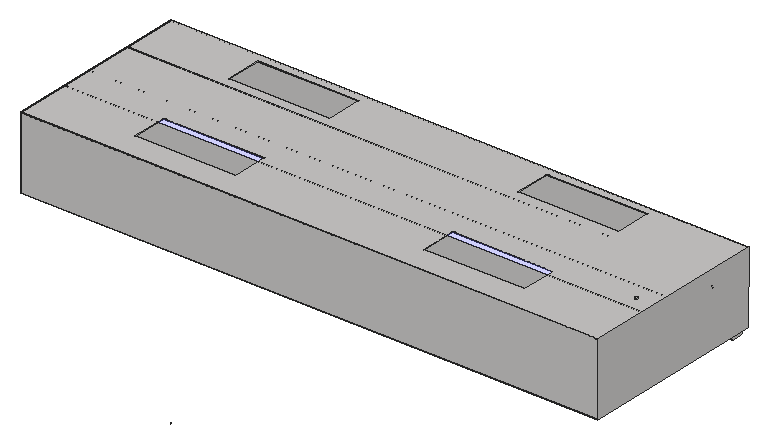
Revit family "QF_ELECTROLUXPROFESSIONAL_640233_STPF1340", category Attrezzature speciali, Revit 2021
Family settings
  Quota connettore circolare = Usa diametro
  Tipo di parte = Normale
  Basato su piano di lavoro = No
  Sempre verticale = Sì
  Taglio con vuoti quando caricato = No
  Condiviso = No
  Punto di calcolo locali = No
Parameters (values of type "Standard")
  Weight = 243.00 kg
  Watts = 320 W
  Volts = 220 V
  URL Manufacturer = "https://www.electroluxprofessional.com/"
  URL = "https://www.electroluxprofessional.com/"
  Steam Supply Size = 0 mm
  Steam Supply Minimum Pressure = 0.0 Pa
  Steam Supply Maximum Pressure = 0.0 Pa
  Steam Consumption per Hour = 0
  Refrigeration Suction Line Size = 0 mm
  Refrigeration Liquid Line Size = 0 mm
  Refrigerant Compressor Remote = yes
  Prospetto di default = 0 mm
  Produttore = "Electrolux Professional"
  Phase = 1
  Modello = "STPF1340"
  Length Actual = 4000 mm  # constant formula
  Item Number = "640233"
  Hot Water Size = 0 mm
  Height Actual = 500 mm  # constant formula
  HP = "0.4 HP"
  Gas Size = 0 mm
  Gas KW = 0
  Gas Input Pressure = 0 W
  Direct Waste Size = 0 mm
  Descrizione = "304 S/S WALL HOOD+FILTERS+LAMPS 400X130"
  Depth Actual = 1300 mm  # constant formula
  Cycle = 50 Hz
  Condensate Return Size = 0 mm
  Compressed Air Volume = 0.0 L/s
  Compressed Air Size = 0 mm
  Compressed Air Pressure = 0.0 Pa
  Cold Water Size = 0 mm
  Accessory = yes
Reference planes
  plane 1: z = 0
  plane 2 "Center (Left/Right)": x = 150
  plane 3 "LEFT": x = -1850
  plane 4 "RIGHT": x = 2150
  plane 5 "BACK": y = 550
  plane 6 "TOP": z = 2500
  plane 7 "Base": z = 2000
  plane 8: z = 1955
  plane 9 "DrainY": y = 490
  plane 10: x = -1847
  plane 11 "DrainX": x = 2030
  plane 12 "AOLeft2": x = -500
  plane 13 "AORight1": x = 800
  plane 14: x = 2147
  plane 15: x = -1650
  plane 16: x = 1950
  plane 17 "Center (Front/Back)": y = -100
  plane 18 "Front": y = -750
  plane 19 "AOLeft1": x = -1200
  plane 20 "AORight2": x = 1500
  plane 21: y = -664
  plane 22: y = -414
  plane 23: y = 240
  plane 24: y = 490
  plane 25 "EI_y": y = -270
  plane 26 "EIx": x = 2030
Forms (mm)
  Extrusion 1, solid, material "QF_Finishes_Stainless Steel"
    sketch origin (-1850, 0, 360) x (0, 1, 0) y (0, 0, 1)
      loop
        line (550, 1640) -> (550, 2140) -> (-750, 2140) -> (-750, 1640) -> (550, 1640)
    from 0 to 3
  Extrusion 2, solid, material "QF_Finishes_Stainless Steel"
    sketch origin (2150, 0, 360) x (0, 1, 0) y (0, 0, 1)
      loop
        line (550, 1640) -> (550, 2140) -> (-750, 2140) -> (-750, 1640) -> (550, 1640)
    from 0 to -3
  Extrusion 3, solid, material "QF_Finishes_Stainless Steel"
    sketch origin (150, 0, 360) x (0, 1, 0) y (0, 0, 1)
      loop
        line (-750, 2140) -> (-750, 1640) -> (-740, 1640) -> (-740, 1640.8) -> (-749.2, 1640.8) -> (-749.2, 2139.19) -> (549.2, 2139.19) -> (549.2, 1640.8) -> (540, 1640.8) -> (540, 1640) -> (550, 1640) -> (550, 2140) -> (-750, 2140)
    from -2000 to 2000
  Extrusion 4, solid, material "QF_Finishes_Stainless Steel"
    sketch origin (0, 0, 2000) x (0, 1, 0) y (-1, 0, 0)
      loop
        circle (490, -2030) r 4.763
    from -30 to 0
  Extrusion 5, void
    sketch origin (0, 0, 2500) x (0, 1, 0) y (-1, 0, 0)
      loop
        line (-320, 500) -> (-320, 1200) -> (-570, 1200) -> (-570, 500) -> (-320, 500)
    from 0 to -10
  Extrusion 6, solid, material "QF_Finishes_Stainless Steel"
    sketch origin (0, 0, 0) x (1, 0, 0) y (0, 1, 0)
      loop
        line (-1850, 550) -> (-1850, 549) -> (-1849, 549) -> (-1849, 550) -> (-1850, 550)
    from 0 to 1
  Extrusion 7, solid, material "QF_LAMPS"
    sketch origin (150, 0, 360) x (0, 1, 0) y (0, 0, 1)
      loop
        line (-372.823, 1962.324) -> (-218.948, 2086.929) -> (-227.129, 2097.032) -> (-381.003, 1972.426) -> (-372.823, 1962.324)
    from 1997 to -1997
  Extrusion 8, solid, material "QF_Finishes_Stainless Steel"
    sketch origin (150, 0, 360) x (0, 1, 0) y (0, 0, 1)
      loop
        line (-750, 2139.19) -> (-750, 1640) -> (-686.602, 1640) -> (-599.146, 1690.493) -> (-610.058, 1709.394) -> (-666.564, 1676.77) -> (-714.704, 1680.982) -> (-749.2, 1730.248) -> (-749.2, 2139.19) -> (-750, 2139.19)
      loop
        line (-373.6, 1961.694) -> (-381.937, 1971.99) -> (-369.095, 1982.182) -> (-369.095, 2139.19) -> (-369.895, 2139.19) -> (-369.895, 1982.569) -> (-682.298, 1734.63) -> (-671.091, 1720.79) -> (-373.6, 1961.694)
      loop
        line (-227.61, 2099.216) -> (-218.171, 2087.559) -> (-154.411, 2139.19) -> (-155.682, 2139.19) -> (-218.052, 2088.684) -> (-226.989, 2099.719) -> (-227.61, 2099.216)
    from -1997 to 1997
  Sweep 9, solid, material "QF_Finishes_Stainless Steel"
    path origin (0, 0, 0) x (1, 0, 0) y (0, 1, 0)
      loop
        line (2150, 550) -> (-1850, 550) -> (-1850, -750) -> (2150, -750) -> (2150, 550)
    profile origin (2150, -100, 0) x (1, 0, 0) y (0, 0, 1)
      loop
        line (-3, 2000) -> (-3, 2000.8) -> (-19, 2000.8) -> (-19, 2010) -> (-20, 2010) -> (-20, 2000) -> (-3, 2000)
  Extrusion 10, solid, material "QF_Finishes_Stainless Steel"
    sketch origin (150, 0, 0) x (0, 1, 0) y (0, 0, 1)
      loop
        line (414.66, 2095.469) -> (440.643, 2110.471) -> (261.744, 2411.771) -> (235.948, 2396.455) -> (414.66, 2095.469)
    from -1997 to -1800
  Extrusion 11, void
    sketch origin (1134.605, 0, 2500) x (0, 1, 0) y (-1, 0, 0)
      loop
        line (-320, -365.395) -> (-320, 334.605) -> (-570, 334.605) -> (-570, -365.395) -> (-320, -365.395)
    from 0 to -10
  Extrusion 12, solid, material "QF_Finishes_Stainless Steel"
    sketch origin (2030, 0, 0) x (0, 1, 0) y (0, 0, 1)
      loop
        line (539, 2000) -> (441, 2000) -> (441, 1989) -> (448.5, 1989) -> (448.5, 1965)
        arc (448.5, 1965) -> (451.429, 1957.929) -> (458.5, 1955) r 10
        line (458.5, 1955) -> (521.5, 1955)
        arc (521.5, 1955) -> (528.571, 1957.929) -> (531.5, 1965) r 10
        line (531.5, 1965) -> (531.5, 1989) -> (539, 1989) -> (539, 2000)
    from 90 to -90
  Extrusion 13, solid, material "QF_Finishes_Stainless Steel"
    sketch origin (150, 0, 360) x (0, 1, 0) y (0, 0, 1)
      loop
        line (-750, 2139.19) -> (-750, 1640) -> (-686.602, 1640) -> (-599.146, 1690.493) -> (-610.058, 1709.394) -> (-666.564, 1676.77) -> (-714.704, 1680.982) -> (-749.2, 1730.248) -> (-749.2, 2139.19) -> (-750, 2139.19)
      loop
        line (-373.6, 1961.694) -> (-381.937, 1971.99) -> (-369.095, 1982.182) -> (-369.095, 2139.19) -> (-369.895, 2139.19) -> (-369.895, 1982.569) -> (-682.298, 1734.63) -> (-671.091, 1720.79) -> (-373.6, 1961.694)
      loop
        line (-227.61, 2099.216) -> (-218.171, 2087.559) -> (-154.411, 2139.19) -> (-155.682, 2139.19) -> (-218.052, 2088.684) -> (-226.989, 2099.719) -> (-227.61, 2099.216)
    from -1997 to 1997
  Extrusion 14, solid, material "QF_Finishes_Stainless Steel"
    sketch origin (150, 0, 0) x (0, 1, 0) y (0, 0, 1)
      loop
        line (414.66, 2095.469) -> (440.643, 2110.471) -> (261.744, 2411.771) -> (235.948, 2396.455) -> (414.66, 2095.469)
    from 1800 to 1997
  Extrusion 15, solid, material "QF_Finished_Chrome"
    sketch origin (150, 0, 0) x (0, 1, 0) y (0, 0, 1)
      loop
        line (414.66, 2095.469) -> (440.643, 2110.471) -> (261.744, 2411.771) -> (235.948, 2396.455) -> (414.66, 2095.469)
    from -1800 to 1800
  Extrusion 16, void
    sketch origin (0, 1180, 2500) x (0, 1, 0) y (-1, 0, 0)
      loop
        line (-690, 500) -> (-690, 1200) -> (-940, 1200) -> (-940, 500) -> (-690, 500)
    from 0 to -10
  Extrusion 17, void
    sketch origin (1600, 1180, 2500) x (0, 1, 0) y (-1, 0, 0)
      loop
        line (-690, 100) -> (-690, 800) -> (-940, 800) -> (-940, 100) -> (-690, 100)
    from 0 to -10
  Extrusion 18, solid, material "QF_Finishes_Stainless Steel"
    sketch origin (0, 0, 2500) x (0, 1, 0) y (-1, 0, 0)
      loop
        circle (-270, -2030) r 10
    from 0 to 1.6
  Extrusion 19, solid, material "QF_Finishes_Stainless Steel"
    sketch origin (150, 0, 360) x (0, 1, 0) y (0, 0, 1)
      loop
        line (430.005, 1640) -> (540, 1640) -> (540, 1640.8) -> (430.467, 1640.8) -> (371.906, 1742.23) -> (414.858, 1734.657) -> (442.266, 1750.481) -> (442.266, 1765.943) -> (441.466, 1765.943) -> (441.466, 1750.943) -> (414.709, 1735.495) -> (321.153, 1751.991) -> (320.875, 1750.416) -> (371.4, 1741.507) -> (430.005, 1640)
      loop
        line (172.529, 2139.19) -> (242.893, 2017.316) -> (245.133, 2018.715) -> (240.13, 2027.381) -> (238.569, 2026.405) -> (173.453, 2139.19) -> (172.529, 2139.19)
    from -1997 to 1997
Cuts and joins
  Extrusion 5, Extrusion 11, Extrusion 16, Extrusion 17 cuts Extrusion 3
  joined: Extrusion 2, Extrusion 3, Sweep 9
Lines and regions (mm)
  symbolic lines, style "SpecialityEquipment", detail levels coarse
    curve 1: line (2150, 550, 2500) -> (-1850, 550, 2500)
    curve 2: line (-1850, 550, 2500) -> (-1850, -750, 2500)
    curve 3: line (2150, -750, 2500) -> (2150, 550, 2500)
    curve 4: line (-1850, 550, 0) -> (2150, -750, 0)
    curve 5: line (2150, 550, 0) -> (-1850, -750, 0)
    curve 6: line (-1850, -750, 0) -> (2150, -750, 0)
    curve 7: line (-500, -320, 0) -> (-1200, -320, 0)
    curve 8: line (-500, -570, 0) -> (-500, -320, 0)
    curve 9: line (-1200, -570, 0) -> (-500, -570, 0)
    curve 10: line (-1200, -320, 0) -> (-1200, -570, 0)
    curve 11: line (800, -320, 0) -> (800, -570, 0)
    curve 12: line (1500, -320, 0) -> (800, -320, 0)
    curve 13: line (1500, -570, 0) -> (1500, -320, 0)
    curve 14: line (800, -570, 0) -> (1500, -570, 0)
  symbolic lines, detail levels coarse
    curve 15: line (-1200, 240, 2500) -> (-500, 240, 2500)
    curve 16: line (-1200, 490, 2500) -> (-1200, 240, 2500)
    curve 17: line (-500, 490, 2500) -> (-1200, 490, 2500)
    curve 18: line (-500, 240, 2500) -> (-500, 490, 2500)
    curve 19: line (800, 490, 2500) -> (800, 240, 2500)
    curve 20: line (1500, 490, 2500) -> (800, 490, 2500)
    curve 21: line (800, 240, 2500) -> (1500, 240, 2500)
    curve 22: line (1500, 240, 2500) -> (1500, 490, 2500)
Dimensions and locks
  plane 3 "LEFT" to plane 4 "RIGHT" = 4000 mm
  equal spacing: plane 3 "LEFT", plane 2 "Center (Left/Right)", plane 4 "RIGHT"
  plane 7 "Base" to plane 8 = 45 mm
  plane 5 "BACK" to plane 9 "DrainY" = 60 mm  (x2)
  plane 3 "LEFT" to plane 10 = 3 mm
  plane 11 "DrainX" to plane 4 "RIGHT" = 120 mm
  plane 14 to plane 4 "RIGHT" = 3 mm
  plane 3 "LEFT" to plane 15 = 200 mm
  plane 16 to plane 4 "RIGHT" = 200 mm
  locked: plane 12 "AOLeft2" to plane 13 "AORight1" at 1300
  equal spacing: plane 12 "AOLeft2", plane 2 "Center (Left/Right)", plane 13 "AORight1"
  locked: plane 7 "Base" to level at 2000
  locked: plane 6 "TOP" to plane 7 "Base" at 500
  locked: plane 5 "BACK" to plane 18 "Front" at 1300
  equal spacing: plane 5 "BACK", plane 17 "Center (Front/Back)", plane 18 "Front"
  locked: plane 19 "AOLeft1" to plane 12 "AOLeft2" at 700
  locked: plane 13 "AORight1" to plane 20 "AORight2" at 700
  locked: plane 22 to plane 21 at 250
  plane 21 to plane 18 "Front" = 86 mm
  locked: plane 24 to plane 23 at 250
  plane 5 "BACK" to plane 24 = 60 mm
  locked: plane 25 "EI_y" to plane 18 "Front" at 480
  locked: plane 26 "EIx" to plane 4 "RIGHT" at 120
  plane 5 "BACK" to plane 18 "Front" = 1300 mm
  aligned and locked: level to plane 1
  aligned and locked: plane 4 "RIGHT" to Extrusion 3
  aligned and locked: Extrusion 3 to plane 3 "LEFT"
  aligned and locked: Extrusion 2 to plane 14
  aligned and locked: Extrusion 10 to plane 10
  aligned and locked: Extrusion 8 to plane 10
  aligned and locked: plane 14 to Extrusion 8
  aligned and locked: Extrusion 5 to plane 19 "AOLeft1"
  aligned and locked: Extrusion 5 to plane 12 "AOLeft2"
  aligned and locked: plane 20 "AORight2" to Extrusion 11
  aligned and locked: plane 13 "AORight1" to Extrusion 11
  aligned and locked: plane 15 to Extrusion 10
  aligned and locked: plane 16 to Extrusion 14
  aligned and locked: plane 14 to Extrusion 14
  aligned and locked: Extrusion 15 to plane 15
  aligned and locked: Extrusion 15 to plane 16
  aligned and locked: plane 14 to Extrusion 7
  aligned and locked: Extrusion 7 to plane 10
  aligned and locked: Extrusion 16 to plane 23
  aligned and locked: plane 24 to Extrusion 16
  aligned and locked: plane 24 to Extrusion 17
  aligned and locked: Extrusion 17 to plane 23
  aligned and locked: plane 13 "AORight1" to Extrusion 17
  aligned and locked: plane 20 "AORight2" to Extrusion 17
  aligned and locked: Extrusion 16 to plane 19 "AOLeft1"
  aligned and locked: Extrusion 16 to plane 12 "AOLeft2"
  aligned and locked: Extrusion 19 to plane 10
  aligned and locked: plane 14 to Extrusion 19
  aligned and locked: plane 14 to Extrusion 13
  aligned and locked: Extrusion 13 to plane 10
Automatic sketch dimensions
  curve 6 to plane 3 "LEFT" = 0 mm
  curve 4 to plane 3 "LEFT" = 0 mm
  curve 10 to plane 19 "AOLeft1" = 0 mm
  curve 8 to plane 12 "AOLeft2" = 0 mm
  curve 14 to plane 13 "AORight1" = 0 mm
  curve 14 to plane 20 "AORight2" = 0 mm
  curve 5 to plane 4 "RIGHT" = 0 mm
  curve 6 to plane 4 "RIGHT" = 0 mm
  curve 4 to plane 18 "Front" = 0 mm
  curve 4 to plane 5 "BACK" = 0 mm
  curve 5 to plane 5 "BACK" = 0 mm
  plane 21 to curve 14 = 94 mm
  plane 21 to curve 9 = 94 mm
  curve 10 to plane 25 "EI_y" = 50 mm
  curve 11 to plane 25 "EI_y" = 50 mm
  curve 2 to plane 3 "LEFT" = 0 mm
  curve 2 to plane 18 "Front" = 0 mm
  curve 3 to plane 4 "RIGHT" = 0 mm
  curve 3 to plane 18 "Front" = 0 mm
  curve 2 to plane 5 "BACK" = 0 mm
  Extrusion 1 sketch curve to plane 7 "Base" = 0 mm
  Extrusion 1 sketch curve to plane 18 "Front" = 0 mm
  Extrusion 1 sketch curve to plane 5 "BACK" = 0 mm
  Extrusion 1 sketch curve to plane 6 "TOP" = 0 mm
  Extrusion 2 sketch curve to plane 7 "Base" = 0 mm
  Extrusion 2 sketch curve to plane 18 "Front" = 0 mm
  Extrusion 2 sketch curve to plane 5 "BACK" = 0 mm
  Extrusion 2 sketch curve to plane 6 "TOP" = 0 mm
  Extrusion 3 sketch curve to plane 6 "TOP" = 0 mm
  Extrusion 3 sketch curve to plane 18 "Front" = 0 mm
  Extrusion 3 sketch curve to plane 7 "Base" = 0 mm  (x2)
  Extrusion 3 sketch curve to plane 5 "BACK" = 0 mm
  plane 18 "Front" to Extrusion 3 sketch curve = 0.8 mm
  Extrusion 3 sketch curve to Extrusion 3 sketch curve = 9.2 mm
  plane 7 "Base" to Extrusion 3 sketch curve = 0.8 mm  (x2)
  Extrusion 3 sketch curve to plane 5 "BACK" = 10 mm
  Extrusion 3 sketch curve to plane 5 "BACK" = 0.8 mm
  Extrusion 3 sketch curve to plane 6 "TOP" = 0.81 mm
  Extrusion 4 sketch curve to plane 9 "DrainY" = 0 mm
  Extrusion 4 sketch curve to plane 11 "DrainX" = 0 mm
  Extrusion 5 sketch curve to plane 12 "AOLeft2" = 0 mm
  Extrusion 5 sketch curve to plane 19 "AOLeft1" = 0 mm
  plane 21 to Extrusion 5 sketch curve = 94 mm
  Extrusion 5 sketch curve to plane 25 "EI_y" = 50 mm
  Extrusion 6 sketch curve to plane 3 "LEFT" = 0 mm
  Extrusion 6 sketch curve to plane 5 "BACK" = 0 mm
  plane 3 "LEFT" to Extrusion 6 sketch curve = 1 mm
  Extrusion 6 sketch curve to Extrusion 6 sketch curve = 1 mm
  plane 22 to Extrusion 7 sketch curve = 32.997 mm
  Extrusion 7 sketch curve to Extrusion 7 sketch curve = 8.181 mm  (x2)
  plane 25 "EI_y" to Extrusion 7 sketch curve = 42.871 mm
  Extrusion 7 sketch curve to plane 6 "TOP" = 177.676 mm
  Extrusion 7 sketch curve to Extrusion 7 sketch curve = 10.102 mm
  Extrusion 7 sketch curve to plane 6 "TOP" = 53.071 mm
  Extrusion 7 sketch curve to Extrusion 7 sketch curve = 10.103 mm
  Extrusion 8 sketch curve to plane 7 "Base" = 0 mm
  Extrusion 8 sketch curve to plane 18 "Front" = 0 mm
  Extrusion 8 sketch curve to Extrusion 8 sketch curve = 0.8 mm  (x2)
  plane 18 "Front" to Extrusion 8 sketch curve = 35.296 mm
  Extrusion 8 sketch curve to plane 21 = 22.602 mm
  Extrusion 8 sketch curve to plane 21 = 18.298 mm
  Extrusion 8 sketch curve to plane 21 = 7.091 mm
  Extrusion 8 sketch curve to plane 21 = 2.564 mm
  plane 21 to Extrusion 8 sketch curve = 53.942 mm
  Extrusion 8 sketch curve to Extrusion 8 sketch curve = 10.912 mm
  plane 22 to Extrusion 8 sketch curve = 32.063 mm
  Extrusion 8 sketch curve to Extrusion 8 sketch curve = 8.337 mm
  Extrusion 8 sketch curve to Extrusion 8 sketch curve = 12.042 mm
  plane 25 "EI_y" to Extrusion 8 sketch curve = 42.39 mm
  Extrusion 8 sketch curve to Extrusion 8 sketch curve = 0.622 mm
  Extrusion 8 sketch curve to Extrusion 8 sketch curve = 9.44 mm
  Extrusion 8 sketch curve to Extrusion 8 sketch curve = 0.118 mm
  Extrusion 8 sketch curve to plane 6 "TOP" = 0.81 mm  (x3)
  Extrusion 8 sketch curve to plane 17 "Center (Front/Back)" = 55.682 mm
  Extrusion 8 sketch curve to Extrusion 8 sketch curve = 1.271 mm
  plane 7 "Base" to Extrusion 8 sketch curve = 36.77 mm
  plane 7 "Base" to Extrusion 8 sketch curve = 40.982 mm
  plane 7 "Base" to Extrusion 8 sketch curve = 50.493 mm
  Extrusion 8 sketch curve to Extrusion 8 sketch curve = 18.901 mm
  Extrusion 8 sketch curve to Extrusion 8 sketch curve = 44.02 mm
  Extrusion 8 sketch curve to Extrusion 8 sketch curve = 49.266 mm
  Extrusion 8 sketch curve to Extrusion 8 sketch curve = 13.84 mm
  Extrusion 8 sketch curve to plane 6 "TOP" = 178.306 mm
  Extrusion 8 sketch curve to Extrusion 8 sketch curve = 10.296 mm
  Extrusion 8 sketch curve to Extrusion 8 sketch curve = 10.192 mm
  Extrusion 8 sketch curve to Extrusion 8 sketch curve = 0.386 mm
  Extrusion 8 sketch curve to plane 6 "TOP" = 52.441 mm
  Extrusion 8 sketch curve to Extrusion 8 sketch curve = 1.125 mm
  Sweep 9 sketch curve to plane 3 "LEFT" = 0 mm
  Sweep 9 sketch curve to plane 4 "RIGHT" = 0 mm
  Sweep 9 sketch curve to plane 18 "Front" = 0 mm
  Sweep 9 sketch curve to plane 5 "BACK" = 0 mm
  profile plane to Sweep 9 sketch curve = 20 mm
  Sweep 9 sketch curve to Sweep 9 sketch curve = 1 mm
  profile plane to Sweep 9 sketch curve = 3 mm
  level to Sweep 9 sketch curve = 2000 mm
  Sweep 9 sketch curve to Sweep 9 sketch curve = 0.8 mm
  Sweep 9 sketch curve to Sweep 9 sketch curve = 9.2 mm
  Extrusion 10 sketch curve to plane 23 = 4.052 mm
  plane 23 to Extrusion 10 sketch curve = 21.744 mm
  Extrusion 10 sketch curve to plane 9 "DrainY" = 75.34 mm
  Extrusion 10 sketch curve to Extrusion 10 sketch curve = 25.983 mm
  plane 7 "Base" to Extrusion 10 sketch curve = 95.469 mm
  Extrusion 10 sketch curve to Extrusion 10 sketch curve = 15.001 mm
  Extrusion 10 sketch curve to plane 6 "TOP" = 103.545 mm
  Extrusion 10 sketch curve to Extrusion 10 sketch curve = 15.316 mm
  Extrusion 11 sketch curve to plane 20 "AORight2" = 0 mm
  Extrusion 11 sketch curve to plane 13 "AORight1" = 0 mm
  plane 21 to Extrusion 11 sketch curve = 94 mm
  Extrusion 11 sketch curve to plane 25 "EI_y" = 50 mm
  Extrusion 13 sketch curve to plane 7 "Base" = 0 mm
  Extrusion 13 sketch curve to plane 18 "Front" = 0 mm
  Extrusion 13 sketch curve to Extrusion 13 sketch curve = 0.8 mm  (x2)
  plane 18 "Front" to Extrusion 13 sketch curve = 35.296 mm
  Extrusion 13 sketch curve to plane 21 = 22.602 mm
  Extrusion 13 sketch curve to plane 21 = 18.298 mm
  Extrusion 13 sketch curve to plane 21 = 7.091 mm
  Extrusion 13 sketch curve to plane 21 = 2.564 mm
  plane 21 to Extrusion 13 sketch curve = 53.942 mm
  Extrusion 13 sketch curve to Extrusion 13 sketch curve = 10.912 mm
  plane 22 to Extrusion 13 sketch curve = 32.063 mm
  Extrusion 13 sketch curve to Extrusion 13 sketch curve = 8.337 mm
  Extrusion 13 sketch curve to plane 6 "TOP" = 0.81 mm  (x3)
  plane 22 to Extrusion 13 sketch curve = 44.105 mm
  plane 25 "EI_y" to Extrusion 13 sketch curve = 42.39 mm
  Extrusion 13 sketch curve to Extrusion 13 sketch curve = 0.622 mm
  Extrusion 13 sketch curve to Extrusion 13 sketch curve = 9.44 mm
  Extrusion 13 sketch curve to Extrusion 13 sketch curve = 0.118 mm
  Extrusion 13 sketch curve to plane 17 "Center (Front/Back)" = 55.682 mm
  Extrusion 13 sketch curve to Extrusion 13 sketch curve = 1.271 mm
  plane 7 "Base" to Extrusion 13 sketch curve = 36.77 mm
  plane 7 "Base" to Extrusion 13 sketch curve = 40.982 mm
  plane 7 "Base" to Extrusion 13 sketch curve = 50.493 mm
  Extrusion 13 sketch curve to Extrusion 13 sketch curve = 18.901 mm
  Extrusion 13 sketch curve to Extrusion 13 sketch curve = 44.02 mm
  Extrusion 13 sketch curve to Extrusion 13 sketch curve = 49.266 mm
  Extrusion 13 sketch curve to Extrusion 13 sketch curve = 13.84 mm
  Extrusion 13 sketch curve to Extrusion 13 sketch curve = 177.496 mm
  Extrusion 13 sketch curve to Extrusion 13 sketch curve = 10.296 mm
  Extrusion 13 sketch curve to Extrusion 13 sketch curve = 10.192 mm
  Extrusion 13 sketch curve to Extrusion 13 sketch curve = 0.386 mm
  Extrusion 13 sketch curve to plane 6 "TOP" = 52.441 mm
  Extrusion 13 sketch curve to Extrusion 13 sketch curve = 1.125 mm
  Extrusion 14 sketch curve to plane 23 = 4.052 mm
  plane 23 to Extrusion 14 sketch curve = 21.744 mm
  Extrusion 14 sketch curve to plane 9 "DrainY" = 75.34 mm
  Extrusion 14 sketch curve to Extrusion 14 sketch curve = 25.983 mm
  plane 7 "Base" to Extrusion 14 sketch curve = 95.469 mm
  Extrusion 14 sketch curve to Extrusion 14 sketch curve = 15.001 mm
  Extrusion 14 sketch curve to plane 6 "TOP" = 103.545 mm
  Extrusion 14 sketch curve to Extrusion 14 sketch curve = 15.316 mm
  Extrusion 15 sketch curve to plane 23 = 4.052 mm
  plane 23 to Extrusion 15 sketch curve = 21.744 mm
  Extrusion 15 sketch curve to plane 9 "DrainY" = 75.34 mm
  Extrusion 15 sketch curve to Extrusion 15 sketch curve = 25.983 mm
  plane 7 "Base" to Extrusion 15 sketch curve = 95.469 mm
  Extrusion 15 sketch curve to Extrusion 15 sketch curve = 15.001 mm
  Extrusion 15 sketch curve to plane 6 "TOP" = 103.545 mm
  Extrusion 15 sketch curve to Extrusion 15 sketch curve = 15.316 mm
  Extrusion 16 sketch curve to plane 12 "AOLeft2" = 0 mm
  Extrusion 16 sketch curve to plane 23 = 0 mm
  Extrusion 16 sketch curve to plane 9 "DrainY" = 0 mm
  Extrusion 16 sketch curve to plane 19 "AOLeft1" = 0 mm
  Extrusion 17 sketch curve to plane 20 "AORight2" = 0 mm
  Extrusion 17 sketch curve to plane 23 = 0 mm
  Extrusion 17 sketch curve to plane 9 "DrainY" = 0 mm
  Extrusion 17 sketch curve to plane 13 "AORight1" = 0 mm
  Extrusion 18 sketch curve to plane 25 "EI_y" = 0 mm
  Extrusion 18 sketch curve to plane 26 "EIx" = 0 mm
  Extrusion 19 sketch curve to plane 7 "Base" = 0 mm
  Extrusion 19 sketch curve to plane 9 "DrainY" = 47.734 mm
  Extrusion 19 sketch curve to Extrusion 19 sketch curve = 0.8 mm
  plane 9 "DrainY" to Extrusion 19 sketch curve = 50 mm
  plane 7 "Base" to Extrusion 19 sketch curve = 0.8 mm
  Extrusion 19 sketch curve to Extrusion 19 sketch curve = 109.533 mm
  Extrusion 19 sketch curve to Extrusion 19 sketch curve = 0.462 mm  (x2)
  Extrusion 19 sketch curve to Extrusion 19 sketch curve = 26.608 mm
  Extrusion 19 sketch curve to Extrusion 19 sketch curve = 0.148 mm
  Extrusion 19 sketch curve to Extrusion 19 sketch curve = 42.803 mm
  Extrusion 19 sketch curve to Extrusion 19 sketch curve = 0.506 mm
  Extrusion 19 sketch curve to Extrusion 19 sketch curve = 50.247 mm
  Extrusion 19 sketch curve to Extrusion 19 sketch curve = 0.278 mm
  plane 23 to Extrusion 19 sketch curve = 5.133 mm
  Extrusion 19 sketch curve to Extrusion 19 sketch curve = 2.24 mm
  plane 23 to Extrusion 19 sketch curve = 0.13 mm
  Extrusion 19 sketch curve to plane 23 = 1.431 mm
  Extrusion 19 sketch curve to plane 6 "TOP" = 0.81 mm
  Extrusion 19 sketch curve to plane 23 = 66.547 mm
  Extrusion 19 sketch curve to Extrusion 19 sketch curve = 0.924 mm
  plane 7 "Base" to Extrusion 19 sketch curve = 94.657 mm
  Extrusion 19 sketch curve to Extrusion 19 sketch curve = 0.838 mm
  Extrusion 19 sketch curve to Extrusion 19 sketch curve = 6.012 mm
  Extrusion 19 sketch curve to Extrusion 19 sketch curve = 0.723 mm
  Extrusion 19 sketch curve to Extrusion 19 sketch curve = 14.986 mm
  Extrusion 19 sketch curve to Extrusion 19 sketch curve = 15 mm
  Extrusion 19 sketch curve to plane 6 "TOP" = 122.684 mm
  Extrusion 19 sketch curve to Extrusion 19 sketch curve = 1.399 mm
  Extrusion 19 sketch curve to Extrusion 19 sketch curve = 9.089 mm
  Extrusion 19 sketch curve to Extrusion 19 sketch curve = 0.975 mm
  curve 15 to plane 19 "AOLeft1" = 0 mm
  curve 15 to plane 23 = 0 mm
  curve 16 to plane 9 "DrainY" = 0 mm
  curve 15 to plane 12 "AOLeft2" = 0 mm
  curve 19 to plane 13 "AORight1" = 0 mm
  curve 19 to plane 23 = 0 mm
  curve 20 to plane 9 "DrainY" = 0 mm
  curve 21 to plane 20 "AORight2" = 0 mm
  Extrusion 12 sketch curve to plane 8 = 0 mm
  Extrusion 12 sketch curve to plane 7 "Base" = 11 mm  (x2)
  Extrusion 12 sketch curve to plane 9 "DrainY" = 49 mm
  Extrusion 12 sketch curve to Extrusion 12 sketch curve = 7.5 mm  (x2)
  Extrusion 12 sketch curve to Extrusion 12 sketch curve = 10 mm
  Extrusion 12 sketch curve to plane 5 "BACK" = 28.5 mm
  Extrusion 12 sketch curve to plane 5 "BACK" = 18.5 mm
  plane 7 "Base" to Extrusion 12 sketch curve = 0 mm
  radius of Extrusion 4 sketch curve = 4.763 mm
  radius of Extrusion 18 sketch curve = 10 mm
Connectors
  piping at (2030, 490, 1970), diameter 9.5
    settings: on Extrusion 4, index 1, connector inside diameter 609.6 mm, connector length 0 mm, flow factor 0, pipe flow 0.0 L/s, pressure drop 0.0 Pa, fitting loss kfactor 0, connector angle 0.00°, fixture units 0, engagement length 0 mm, angle of deflection 0.00°, flow configuration 1, flow direction 2, fitting loss method 0, system type 16, joint type 0, gender type 0, connector reference index -1, connector utility 0, adjustable connector no, is connector primary yes, connector description "Drain"
  hvac at (-850, -445, 2500)
    settings: on Extrusion 5, index 2, duct flow 0.0 L/s, flow factor 0, pres drop 0.0 Pa, loss coef 0, conn angle 0.00°, conn width 250 mm, conn height 700 mm, conn diameter 609.6 mm, duct sys type 1, conn prof type 1, flow config 1, flow direction 1, loss method 0, conn ref index -1, conn util no, is conn primary yes, conn desc "AIR INLET"
  hvac at (1150, -445, 2500)
    settings: on Extrusion 11, index 3, duct flow 0.0 L/s, flow factor 0, pres drop 0.0 Pa, loss coef 0, conn angle 0.00°, conn width 250 mm, conn height 700 mm, conn diameter 609.6 mm, duct sys type 1, conn prof type 1, flow config 1, flow direction 1, loss method 0, conn ref index -1, conn util no, is conn primary no, conn desc "AIR INLET"
  hvac at (-850, 365, 2500)
    settings: on Extrusion 16, index 4, duct flow 0.0 L/s, flow factor 0, pres drop 0.0 Pa, loss coef 0, conn angle 0.00°, conn width 250 mm, conn height 700 mm, conn diameter 609.6 mm, duct sys type 3, conn prof type 1, flow config 1, flow direction 2, loss method 0, conn ref index -1, conn util no, is conn primary no, conn desc "EXHAUST OUTLET"
  hvac at (1150, 365, 2500)
    settings: on Extrusion 17, index 5, duct flow 0.0 L/s, flow factor 0, pres drop 0.0 Pa, loss coef 0, conn angle 0.00°, conn width 250 mm, conn height 700 mm, conn diameter 609.6 mm, duct sys type 3, conn prof type 1, flow config 1, flow direction 2, loss method 0, conn ref index -1, conn util no, is conn primary no, conn desc "EXHAUST OUTLET"
  electrical at (2030, -270, 2501.6), driven by "Volts"
    settings: on Extrusion 18, index 6, voltage 220 V, apparent load 0 VA, apparent load phase1 0 VA, apparent load phase2 0 VA, apparent load phase3 0 VA, power factor 1, load classification "Other", number of poles 1, system type 30, power factor state 1, is connector primary yes, connector utility no, sub classification motor no, connector description "Electrical Connection"
